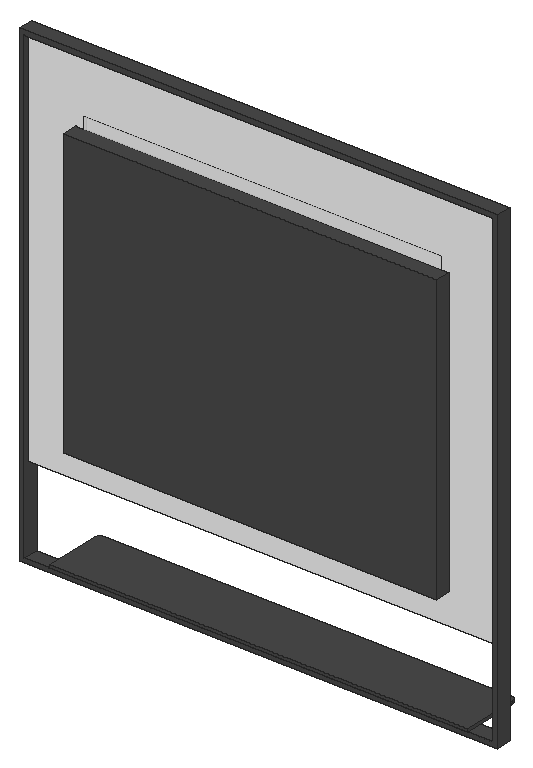
Revit family "3-090X-xx Castore Mirror", category Luminarias, Revit 2021
Family settings
  Anfitrión = Muro
  Cota de conector redondo = Diámetro de uso
  Tipo de pieza = Normal
  Número OmniClass = 23.80.70.00
  Título OmniClass = Lighting
  Siempre vertical = Sí
  Corte con vacíos al cargar = No
  Origen de luz = No
  Compartido = No
  Punto de cálculo de habitación = No
Parameters (values of type "3-0903-15 / Black")
  Width = 800 mm
  Height = 800 mm
  Diffuser = Ghost Mirror
  Elevación por defecto = 0 mm
  Comentarios de vataje = "1 x 77.9 W at 120 V"
  Voltage Input = "120 V or 277 V - 50/60 Hz"  # constant formula
  Voltage = 120 V
  URL = "www.oxygenlighting.com"
  References = "Ref. 3 = 120 V / Ref. 37 = 277 V"  # constant formula
  Modelo = "3-090X-xx / Castore"  # constant formula
  Metal Finish 1 = 15 - Black
  Fabricante = "Vanita by Oxygen"  # constant formula
  Lámpara = "LED Array"  # constant formula
Types (3, lengths in mm): name | Width | Comentarios de vataje
  3-0901-15 / Black | 500 | "1 x 46.8 W at 120 V"
  3-0903-15 / Black | 800 | "1 x 77.9 W at 120 V"
  3-0902-15 / Black | 600 | "1 x 59.1 W at 120 V"
Reference planes
  plane 1: y = 0
  plane 2 "Light Source Axis (L/R)": x = 125
  plane 3 "Light Source Axis (F/R)": y = 160
  plane 4 "Light Source Elevation": z = 700
  plane 5: y = 75
Text (mm)
  text "Placement side" at (-1787.139, 1116.779, 0), in view "Ref. Level"
  text "Placement side" at (0, 2110.396, 2986.058), in view "Left"
  text "Placement side" at (0, 628.478, 3011.967), in view "Right"
Dimensions and locks
  aligned and locked: plane 1 to host wall
  aligned and locked: plane 5 to host wall
  aligned and locked: plane 5 to nested 1
  aligned and locked: nested 1 to plane 2 "Light Source Axis (L/R)"
Nested families
  nested 1: "Family1" at (125, 75, 1005) x (-1, 0, 0) z (0, 0, 1), type "Family1"
    with Width 800 mm, Height 800 mm
Connectors
  electrical at (125, 75, 1045)
    settings: on nested 1, index 1, voltage 0 V, apparent load 0 VA, apparent load phase1 0 VA, apparent load phase2 0 VA, apparent load phase3 0 VA, power factor 1, load classification "Otro", number of poles 1, system type 31, power factor state 1, is connector primary yes, connector utility no, sub classification motor no, connector description ""
Definition of nested family "Family1"
  Parameters (values of type "Family1")
    Width = 610 mm
    Metal Finish 1 = none
    Height = 914 mm
    Diffuser = none
    Default Elevation = 0 mm
  Reference planes
    plane 1 "Center (Front/Back)": y = 0
    plane 2: z = 0
    plane 3 "Center (Left/Right)": x = 0
    plane 4: x = 225
    plane 5: x = -225
    plane 6: z = 377
    plane 7: z = -377
    plane 8: x = 449.5
    plane 9: z = 297
    plane 10: z = -297
    plane 11: x = -449.5
    plane 12: z = -457
    plane 13: x = -305
    plane 14: z = 457
    plane 15: x = 305
    plane 16: z = -307
    plane 17: y = -110
  Forms (mm)
    Extrusion 1, solid, material <- "Metal Finish 1"
      sketch origin (0, 0, 0) x (1, 0, 0) y (0, 0, 1)
        loop
          line (217.5, 337) -> (-217.5, 337) -> (-217.5, -257) -> (217.5, -257) -> (217.5, 337)
      from 0 to 25.014
    Extrusion 2, solid
      sketch origin (0, 0, 0) x (1, 0, 0) y (0, 0, 1)
        loop
          line (-297.7, -307) -> (297.7, -307) -> (297.7, 449.7) -> (-297.7, 449.7) -> (-297.7, -307)
        loop
          line (-205, 357) -> (-205, 327) -> (205, 327) -> (205, 357) -> (-205, 357)
      from 25.014 to 29.595
    Extrusion 3, solid, material <- "Metal Finish 1"
      sketch origin (0, 0, 0) x (1, 0, 0) y (0, 0, 1)
        loop
          line (-305, 457) -> (-305, -457) -> (305, -457) -> (305, 457) -> (-305, 457)
        loop
          line (-297.7, 449.7) -> (-297.7, -449.7) -> (297.7, -449.7) -> (297.7, 449.7) -> (-297.7, 449.7)
      from 17.169 to 43
    Extrusion 4, solid, material <- "Diffuser"
      sketch origin (0, 0, 0) x (1, 0, 0) y (0, 0, 1)
        loop
          line (-205, 357) -> (-205, 327) -> (205, 327) -> (205, 357) -> (-205, 357)
      from 25.014 to 29.595
    Extrusion 5, solid, material <- "Metal Finish 1"
      sketch origin (0, 0, 0) x (1, 0, 0) y (0, 1, 0)
        loop
          line (-255, -17.169) -> (-255, -110)
          arc (-255, -110) -> (-252.071, -117.071) -> (-245, -120) r 10
          line (-245, -120) -> (245, -120)
          arc (245, -120) -> (252.071, -117.071) -> (255, -110) r 10
          line (255, -110) -> (255, -17.169) -> (-255, -17.169)
      from -449.7 to -444.861
  Dimensions and locks
    equal spacing: plane 4, plane 3 "Center (Left/Right)", plane 5
    equal spacing: plane 7, level, plane 6
    locked: plane 14 to plane 6 at 80
    locked: plane 7 to plane 12 at 80
    locked: plane 15 to plane 4 at 80
    locked: plane 13 to plane 5 at 80
    "Height": plane 14 to plane 12
    "Width": plane 13 to plane 15
    Extrusion 2 to plane 1 "Center (Front/Back)" = 29.595 mm
    Extrusion 2 to Extrusion 2 = 4.58 mm
    locked: plane 16 to plane 12 at 150
    locked: plane 13 to Extrusion 1 sketch curve at 87.5
    locked: plane 15 to Extrusion 1 sketch curve at 87.5
    locked: plane 14 to Extrusion 1 sketch curve at 120
    locked: Extrusion 1 sketch curve to plane 12 at 200
    plane 13 to Extrusion 3 sketch curve = 7.3 mm
    locked: Extrusion 3 sketch curve to Extrusion 3 sketch curve at 7.3  (x3)
    Extrusion 1 to plane 12 = 200 mm
    locked: plane 13 to Extrusion 2 sketch curve at 100
    locked: plane 15 to Extrusion 2 sketch curve at 100
    locked: Extrusion 2 sketch curve to Extrusion 2 sketch curve at 30
    plane 14 to Extrusion 2 sketch curve = 100 mm
    plane 13 to Extrusion 5 sketch curve = 50 mm
    Extrusion 5 sketch curve to plane 15 = 50 mm
    Extrusion 5 sketch curve to plane 1 "Center (Front/Back)" = 120 mm
    plane 17 to Extrusion 5 sketch curve = 10 mm
    locked: Extrusion 5 sketch curve to Extrusion 5 sketch curve at 10  (x2)
    locked: Extrusion 5 to Extrusion 3 at 4.839
    aligned and locked: plane 2 to level
    aligned and locked: plane 16 to Extrusion 2 sketch curve
    aligned and locked: Extrusion 3 sketch curve to plane 14
    aligned and locked: Extrusion 3 sketch curve to plane 15
    aligned and locked: Extrusion 3 sketch curve to plane 12
    aligned and locked: Extrusion 3 to Extrusion 2 sketch curve  (x2)
    aligned and locked: plane 17 to Extrusion 5 sketch curve  (x2)
    aligned and locked: Extrusion 5 to Extrusion 3
    aligned and locked: Extrusion 3 to Extrusion 5
    aligned and locked: Extrusion 2 sketch curve to Extrusion 3
  Automatic sketch dimensions
    plane 13 to Extrusion 3 sketch curve = 0 mm
    Extrusion 4 sketch curve to plane 5 = 20 mm
    Extrusion 4 sketch curve to plane 4 = 20 mm
    Extrusion 4 sketch curve to plane 6 = 50 mm
    Extrusion 4 sketch curve to plane 6 = 20 mm
    Extrusion 5 sketch curve to Extrusion 5 sketch curve = 92.831 mm
